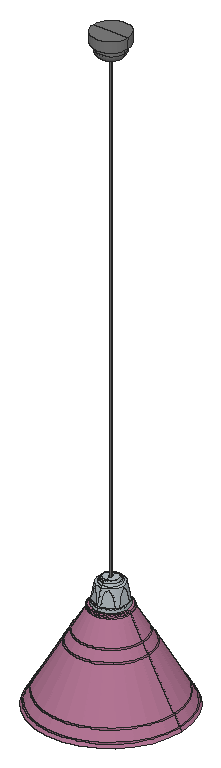
Revit family "Vintage Lampshade LSU (12,14,16,18,20)MB", category Lighting Fixtures, Revit 2020 (continued)
Definition of nested family "LSU16A"
  Definition of nested family "LSU16"
    Forms (in)
      Extrusion 6, void
        sketch origin (-5.84989, 10.13882, 5.60596) x (-0.49958, 0.866268, 0) y (0, 0, 1)
          loop
            line (-9.24957, 7.44404) -> (-9.24957, 10.19404) -> (-9.7364, 10.19404) -> (-9.4864, 7.44404) -> (-9.24957, 7.44404)
        from -1.03027 to 1.03705
      Extrusion 7, void
        sketch origin (5.84361, -10.14244, 5.60596) x (0.4989, -0.866659, 0) y (0, 0, 1)
          loop
            line (-9.24957, 7.44404) -> (-9.24957, 10.19404) -> (-9.7364, 10.19404) -> (-9.4864, 7.44404) -> (-9.24957, 7.44404)
        from -1.03027 to 1.03705
      Revolve 8, solid, material <- "Body", visible <- "LSU16"
        sketch origin (0, 0, 0) x (1, 0, 0) y (0, 0, 1)
          loop
            line (-1.86742, 13.17) -> (-2, 13.17) -> (-2.25, 12.92) -> (-2.25, 12.5) -> (-2.95, 12.5)
            arc (-2.95, 12.5) -> (-2.98536, 12.48536) -> (-3, 12.45) r 0.05
            line (-3, 12.45) -> (-3, 12.15)
            arc (-3, 12.15) -> (-3.00478, 12.10133) -> (-3.01895, 12.05453) r 0.25
            line (-3.01895, 12.05453) -> (-3.49642, 10.89901)
            arc (-3.49642, 10.89901) -> (-3.57187, 10.84173) -> (-3.55886, 10.74789) r 0.09376
            line (-3.55886, 10.74789) -> (-7.1765, 1.99293)
            arc (-7.1765, 1.99293) -> (-7.25076, 1.9358) -> (-7.23849, 1.84292) r 0.09375
            line (-7.23849, 1.84292) -> (-7.75499, 0.59294)
            arc (-7.75499, 0.59294) -> (-7.82932, 0.5358) -> (-7.817, 0.44286) r 0.09375
            line (-7.817, 0.44286) -> (-8, 0) -> (-7.89856, 0) -> (-7.73036, 0.40706)
            arc (-7.73036, 0.40706) -> (-7.74268, 0.5) -> (-7.66835, 0.55714) r 0.09375
            line (-7.66835, 0.55714) -> (-7.15187, 1.80705)
            arc (-7.15187, 1.80705) -> (-7.16419, 1.89999) -> (-7.08986, 1.95713) r 0.09375
            line (-7.08986, 1.95713) -> (-3.47179, 10.71314)
            arc (-3.47179, 10.71314) -> (-3.4841, 10.80607) -> (-3.40978, 10.86321) r 0.09375
            line (-3.40978, 10.86321) -> (-2.9323, 12.01872)
            arc (-2.9323, 12.01872) -> (-2.91283, 12.08308) -> (-2.90625, 12.15) r 0.34375
            line (-2.90625, 12.15) -> (-2.90625, 12.40625) -> (-2.15625, 12.40625) -> (-2.15625, 12.88117) -> (-1.86742, 13.17)
          axis (0, 0) -> (0, 13.17)
        angle from 0 to 360
    Cuts and joins
      Extrusion 2, Extrusion 3, Extrusion 4, Extrusion 5, Extrusion 6, Extrusion 7 cuts Revolve 1
    Dimensions and locks (in)
      locked: plane 4 to plane 5 at 16
      locked: plane 6 to level at 16.25
      aligned and locked: plane 2 to level
      aligned and locked: level to Revolve 8 sketch curve
      aligned and locked: plane 6 to Revolve 1 sketch curve
Definition of nested family "LSU18A"
  Parameters (values of type "LSU18A")
    Light Elevation [instance] = 3' - 0"
    LSU18 [instance] = yes
    HUB [instance] = none
    Default Elevation = 0' - 0"
    Body [instance] = none
  Reference planes (in)
    plane 1 "Center (Front/Back)": y = 0
    plane 2: z = 0
    plane 3 "Center (Left/Right)": x = 0
    plane 4: z = 36
  Dimensions and locks (in)
    "Light Elevation": plane 4 to plane 2
    aligned and locked: plane 2 to level
    aligned and locked: plane 3 "Center (Left/Right)" to nested 1
    aligned and locked: plane 1 "Center (Front/Back)" to nested 1
    aligned and locked: plane 4 to nested 1
  Nested families (in)
    nested 1: "LSU18" at (0, 0, 19.25), visible <- "LSU18", Body <- "Body", LSU18 <- "LSU18", type "LSU18"
      with LSU18 yes, Body none
  Definition of nested family "LSU18"
    Parameters (values of type "LSU18")
      SHADE = none
      LSU18 [instance] = yes
      HUB = none
      Default Elevation = 0' - 0"
      Body [instance] = none
    Reference planes (in)
      plane 1 "Center (Front/Back)": y = 0
      plane 2: z = 0
      plane 3 "Center (Left/Right)": x = 0
      plane 4: x = 9
      plane 5: x = -9
      plane 6: z = 16.75
    Forms (in)
      Revolve 1, solid, material <- "HUB", visible <- "LSU18"
        sketch origin (0, 11.70542, 6.10596) x (0, 1, 0) y (0, 0, 1)
          loop
            arc (-12.87041, 10.64404) -> (-12.89909, 10.63499) -> (-12.9174, 10.61114) r 0.05
            line (-12.9174, 10.61114) -> (-13.01461, 10.34404) -> (-13.21461, 10.34404) -> (-13.31652, 10.06404) -> (-13.6924, 9.92723) -> (-14.13025, 7.44404) -> (-14.16127, 7.44404)
            arc (-14.16127, 7.44404) -> (-14.1928, 7.42739) -> (-14.20542, 7.39404) r 0.05039
            line (-14.20542, 7.39404) -> (-14.20542, 6.89404) -> (-11.95542, 6.89404) -> (-11.95542, 10.64404) -> (-12.87041, 10.64404)
          axis (-11.70542, 10.64404) -> (-11.70542, 6.89404)
        angle from 0 to 360
      Extrusion 2, void
        sketch origin (11.70542, 0, 6.10596) x (1, 0, 0) y (0, 0, 1)
          loop
            line (-9.24957, 7.44404) -> (-9.24957, 10.19404) -> (-9.7364, 10.19404) -> (-9.4864, 7.44404) -> (-9.24957, 7.44404)
        from -1.03027 to 1.03705
      Extrusion 3, void
        sketch origin (-11.70542, 0.0024, 6.10596) x (-1, 0.000784, 0) y (0, 0, 1)
          loop
            line (-9.24957, 7.44404) -> (-9.24957, 10.19404) -> (-9.7364, 10.19404) -> (-9.4864, 7.44404) -> (-9.24957, 7.44404)
        from -1.03027 to 1.03705
      Extrusion 4, void
        sketch origin (5.85368, 10.13421, 6.10596) x (0.500262, 0.865874, 0) y (0, 0, 1)
          loop
            line (-9.24957, 7.44404) -> (-9.24957, 10.19404) -> (-9.7364, 10.19404) -> (-9.4864, 7.44404) -> (-9.24957, 7.44404)
        from -1.03027 to 1.03705
      Extrusion 5, void
        sketch origin (-5.85996, -10.13543, 6.10596) x (-0.500941, -0.865481, 0) y (0, 0, 1)
          loop
            line (-9.24957, 7.44404) -> (-9.24957, 10.19404) -> (-9.7364, 10.19404) -> (-9.4864, 7.44404) -> (-9.24957, 7.44404)
        from -1.03027 to 1.03705
      Extrusion 6, void
        sketch origin (-5.84989, 10.13882, 6.10596) x (-0.49958, 0.866268, 0) y (0, 0, 1)
          loop
            line (-9.24957, 7.44404) -> (-9.24957, 10.19404) -> (-9.7364, 10.19404) -> (-9.4864, 7.44404) -> (-9.24957, 7.44404)
        from -1.03027 to 1.03705
      Extrusion 7, void
        sketch origin (5.84361, -10.14244, 6.10596) x (0.4989, -0.866659, 0) y (0, 0, 1)
          loop
            line (-9.24957, 7.44404) -> (-9.24957, 10.19404) -> (-9.7364, 10.19404) -> (-9.4864, 7.44404) -> (-9.24957, 7.44404)
        from -1.03027 to 1.03705
      Revolve 8, solid, material <- "Body", visible <- "LSU18"
        sketch origin (0, 0, 0) x (1, 0, 0) y (0, 0, 1)
          loop
            line (-1.86742, 13.67) -> (-2, 13.67) -> (-2.25, 13.42) -> (-2.25, 13) -> (-2.95, 13)
            arc (-2.95, 13) -> (-2.98536, 12.98536) -> (-3, 12.95) r 0.05
            line (-3, 12.95) -> (-3, 12.65)
            arc (-3, 12.65) -> (-3.00615, 12.59488) -> (-3.02431, 12.54247) r 0.25
            line (-3.02431, 12.54247) -> (-3.80709, 10.89947)
            arc (-3.80709, 10.89947) -> (-3.88546, 10.84625) -> (-3.87742, 10.75186) r 0.09376
            line (-3.87742, 10.75186) -> (-8.05025, 1.99345)
            arc (-8.05025, 1.99345) -> (-8.12741, 1.94032) -> (-8.12006, 1.84693) r 0.09375
            line (-8.12006, 1.84693) -> (-8.71725, 0.59346)
            arc (-8.71725, 0.59346) -> (-8.79449, 0.54032) -> (-8.7871, 0.44687) r 0.09375
            line (-8.7871, 0.44687) -> (-9, 0) -> (-8.89615, 0) -> (-8.70246, 0.40654)
            arc (-8.70246, 0.40654) -> (-8.70986, 0.5) -> (-8.63262, 0.55313) r 0.09375
            line (-8.63262, 0.55313) -> (-8.03545, 1.80654)
            arc (-8.03545, 1.80654) -> (-8.04285, 1.89999) -> (-7.96561, 1.95313) r 0.09375
            line (-7.96561, 1.95313) -> (-3.7923, 10.71256)
            arc (-3.7923, 10.71256) -> (-3.7997, 10.80601) -> (-3.72246, 10.85915) r 0.09375
            line (-3.72246, 10.85915) -> (-2.93967, 12.50215)
            arc (-2.93967, 12.50215) -> (-2.91471, 12.57421) -> (-2.90625, 12.65) r 0.34375
            line (-2.90625, 12.65) -> (-2.90625, 12.90625) -> (-2.15625, 12.90625) -> (-2.15625, 13.38117) -> (-1.86742, 13.67)
          axis (0, 13.67) -> (0, 0)
        angle from 0 to 360
    Cuts and joins
      Extrusion 2, Extrusion 3, Extrusion 4, Extrusion 5, Extrusion 6, Extrusion 7 cuts Revolve 1
    Dimensions and locks (in)
      plane 4 to plane 5 = 1' - 6"
      plane 6 to level = 1' - 4 3/4"
      aligned and locked: plane 2 to level
      aligned and locked: Revolve 8 sketch curve to level
      aligned and locked: plane 6 to Revolve 1 sketch curve
Definition of nested family "LSU20A"
  Parameters (values of type "LSU20A")
    Light Elevation [instance] = 0' - 0"
    LSU20 [instance] = yes
    HUB = none
    Default Elevation = 0' - 0"
    Body [instance] = none
  Reference planes (in)
    plane 1 "Center (Front/Back)": y = 0
    plane 2: z = 0
    plane 3 "Center (Left/Right)": x = 0
    plane 4: z = 0
  Dimensions and locks (in)
    "Light Elevation": plane 4 to plane 2
    aligned and locked: plane 2 to level
    aligned and locked: plane 3 "Center (Left/Right)" to nested 1
    aligned and locked: plane 1 "Center (Front/Back)" to nested 1
    aligned and locked: plane 4 to nested 1
  Nested families (in)
    nested 1: "LSU20" at (0, 0, -17.25), visible <- "LSU20", Body <- "Body", LSU20 <- "LSU20", type "LSU20"
      with LSU20 yes, Body none
  Definition of nested family "LSU20"
    Parameters (values of type "LSU20")
      SHADE = none
      LSU20 [instance] = yes
      HUB = none
      Default Elevation = 0' - 0"
      Body [instance] = none
    Reference planes (in)
      plane 1 "Center (Front/Back)": y = 0
      plane 2: z = 0
      plane 3 "Center (Left/Right)": x = 0
      plane 4: x = 10
      plane 5: x = -10
      plane 6: z = 17.25
    Forms (in)
      Revolve 1, solid, material <- "HUB", visible <- "LSU20"
        sketch origin (0, 11.70542, 6.60596) x (0, 1, 0) y (0, 0, 1)
          loop
            arc (-12.87041, 10.64404) -> (-12.89909, 10.63499) -> (-12.9174, 10.61114) r 0.05
            line (-12.9174, 10.61114) -> (-13.01461, 10.34404) -> (-13.21461, 10.34404) -> (-13.31652, 10.06404) -> (-13.6924, 9.92723) -> (-14.13025, 7.44404) -> (-14.16127, 7.44404)
            arc (-14.16127, 7.44404) -> (-14.1928, 7.42739) -> (-14.20542, 7.39404) r 0.05039
            line (-14.20542, 7.39404) -> (-14.20542, 6.89404) -> (-11.95542, 6.89404) -> (-11.95542, 10.64404) -> (-12.87041, 10.64404)
          axis (-11.70542, 10.64404) -> (-11.70542, 6.89404)
        angle from 0 to 360
      Extrusion 2, void
        sketch origin (11.70542, 0, 6.60596) x (1, 0, 0) y (0, 0, 1)
          loop
            line (-9.24957, 7.44404) -> (-9.24957, 10.19404) -> (-9.7364, 10.19404) -> (-9.4864, 7.44404) -> (-9.24957, 7.44404)
        from -1.03027 to 1.03705
      Extrusion 3, void
        sketch origin (-11.70542, 0.0024, 6.60596) x (-1, 0.000784, 0) y (0, 0, 1)
          loop
            line (-9.24957, 7.44404) -> (-9.24957, 10.19404) -> (-9.7364, 10.19404) -> (-9.4864, 7.44404) -> (-9.24957, 7.44404)
        from -1.03027 to 1.03705
      Extrusion 4, void
        sketch origin (5.85368, 10.13421, 6.60596) x (0.500262, 0.865874, 0) y (0, 0, 1)
          loop
            line (-9.24957, 7.44404) -> (-9.24957, 10.19404) -> (-9.7364, 10.19404) -> (-9.4864, 7.44404) -> (-9.24957, 7.44404)
        from -1.03027 to 1.03705
      Extrusion 5, void
        sketch origin (-5.85996, -10.13543, 6.60596) x (-0.500941, -0.865481, 0) y (0, 0, 1)
          loop
            line (-9.24957, 7.44404) -> (-9.24957, 10.19404) -> (-9.7364, 10.19404) -> (-9.4864, 7.44404) -> (-9.24957, 7.44404)
        from -1.03027 to 1.03705
      Extrusion 6, void
        sketch origin (-5.84989, 10.13882, 6.60596) x (-0.49958, 0.866268, 0) y (0, 0, 1)
          loop
            line (-9.24957, 7.44404) -> (-9.24957, 10.19404) -> (-9.7364, 10.19404) -> (-9.4864, 7.44404) -> (-9.24957, 7.44404)
        from -1.03027 to 1.03705
      Extrusion 7, void
        sketch origin (5.84361, -10.14244, 6.60596) x (0.4989, -0.866659, 0) y (0, 0, 1)
          loop
            line (-9.24957, 7.44404) -> (-9.24957, 10.19404) -> (-9.7364, 10.19404) -> (-9.4864, 7.44404) -> (-9.24957, 7.44404)
        from -1.03027 to 1.03705
      Revolve 8, solid, material <- "Body", visible <- "LSU20"
        sketch origin (0, 0, 0) x (1, 0, 0) y (0, 0, 1)
          loop
            line (-1.86742, 14.17) -> (-2, 14.17) -> (-2.25, 13.92) -> (-2.25, 13.5) -> (-2.95, 13.5)
            arc (-2.95, 13.5) -> (-2.98536, 13.48536) -> (-3, 13.45) r 0.05
            line (-3, 13.45) -> (-3, 13.15)
            arc (-3, 13.15) -> (-3.0075, 13.08922) -> (-3.02955, 13.03209) r 0.25
            line (-3.02955, 13.03209) -> (-4.43179, 10.41043)
            arc (-4.43179, 10.41043) -> (-4.5105, 10.36045) -> (-4.50838, 10.26724) r 0.09483
            line (-4.50838, 10.26724) -> (-5.2341, 8.91043)
            arc (-5.2341, 8.91043) -> (-5.31372, 8.86095) -> (-5.31068, 8.76724) r 0.09375
            line (-5.31068, 8.76724) -> (-8.88015, 2.0937)
            arc (-8.88015, 2.0937) -> (-8.95979, 2.04422) -> (-8.95674, 1.9505) r 0.09375
            line (-8.95674, 1.9505) -> (-9.68245, 0.5937)
            arc (-9.68245, 0.5937) -> (-9.76207, 0.54422) -> (-9.75903, 0.45052) r 0.09375
            line (-9.75903, 0.45052) -> (-10, 0) -> (-9.89368, 0) -> (-9.67637, 0.4063)
            arc (-9.67637, 0.4063) -> (-9.67941, 0.5) -> (-9.59978, 0.54948) r 0.09375
            line (-9.59978, 0.54948) -> (-8.87406, 1.9063)
            arc (-8.87406, 1.9063) -> (-8.8771, 2) -> (-8.79748, 2.04948) r 0.09375
            line (-8.79748, 2.04948) -> (-5.22801, 8.72303)
            arc (-5.22801, 8.72303) -> (-5.23106, 8.81673) -> (-5.15143, 8.86621) r 0.09375
            line (-5.15143, 8.86621) -> (-4.42571, 10.22303)
            arc (-4.42571, 10.22303) -> (-4.42875, 10.31673) -> (-4.34913, 10.36621) r 0.09375
            line (-4.34913, 10.36621) -> (-2.94688, 12.98787)
            arc (-2.94688, 12.98787) -> (-2.91656, 13.06643) -> (-2.90625, 13.15) r 0.34375
            line (-2.90625, 13.15) -> (-2.90625, 13.40625) -> (-2.15625, 13.40625) -> (-2.15625, 13.88117) -> (-1.86742, 14.17)
          axis (0, 14.17) -> (0, 0)
        angle from 0 to 360
    Cuts and joins
      Extrusion 2, Extrusion 3, Extrusion 4, Extrusion 5, Extrusion 6, Extrusion 7 cuts Revolve 1
    Dimensions and locks (in)
      plane 4 to plane 5 = 1' - 8"
      plane 6 to level = 1' - 5 1/4"
      aligned and locked: plane 2 to level
      aligned and locked: Revolve 8 sketch curve to level
      aligned and locked: plane 6 to Revolve 1 sketch curve
Types (7): name | Weight | URL | Model | LSU22 | LSU20 | LSU18 | LSU16 | LSU14 | LSU12 | Fixture Height | Fixture Diameter
  (no name) | "7.2lbs" | "https://www.anplighting.com/assets/Uploads/product-attachments/specification-sheets/ANP-Specification-Sheet-INC-LSU22.pdf" | "LSU22" | yes | no | no | no | no | no | 1' - 5 3/4" | 1' - 10"
  LSU12 | "4.2 lbs" | "https://www.anplighting.com/assets/Uploads/product-attachments/specification-sheets/ANP-Specification-Sheet-INC-LSU12.pdf" | "LSU12" | no | no | no | no | no | yes | 1' - 3 1/4" | 1' - 0"
  LSU14 | "4.7lbs" | "https://www.anplighting.com/assets/Uploads/product-attachments/specification-sheets/ANP-Specification-Sheet-INC-LSU14.pdf" | "LSU14" | no | no | no | no | yes | no | 1' - 3 3/4" | 1' - 2"
  LSU16 | "5.2lbs" | "https://www.anplighting.com/assets/Uploads/product-attachments/specification-sheets/ANP-Specification-Sheet-INC-LSU16.pdf" | "LSU16" | no | no | no | yes | no | no | 1' - 4 1/4" | 1' - 4"
  LSU18 | "5.2lbs" | "https://www.anplighting.com/assets/Uploads/product-attachments/specification-sheets/ANP-Specification-Sheet-INC-LSU18.pdf" | "LSU18" | no | no | yes | no | no | no | 1' - 4 3/4" | 1' - 6"
  LSU20 | "6.2lbs" | "https://www.anplighting.com/assets/Uploads/product-attachments/specification-sheets/ANP-Specification-Sheet-INC-LSU20.pdf" | "LSU20" | no | yes | no | no | no | no | 1' - 5 1/4" | 1' - 8"
  LSU22 | "7.2lbs" | "https://www.anplighting.com/assets/Uploads/product-attachments/specification-sheets/ANP-Specification-Sheet-INC-LSU22.pdf" | "LSU22" | yes | no | no | no | no | no | 1' - 5 3/4" | 1' - 10"
